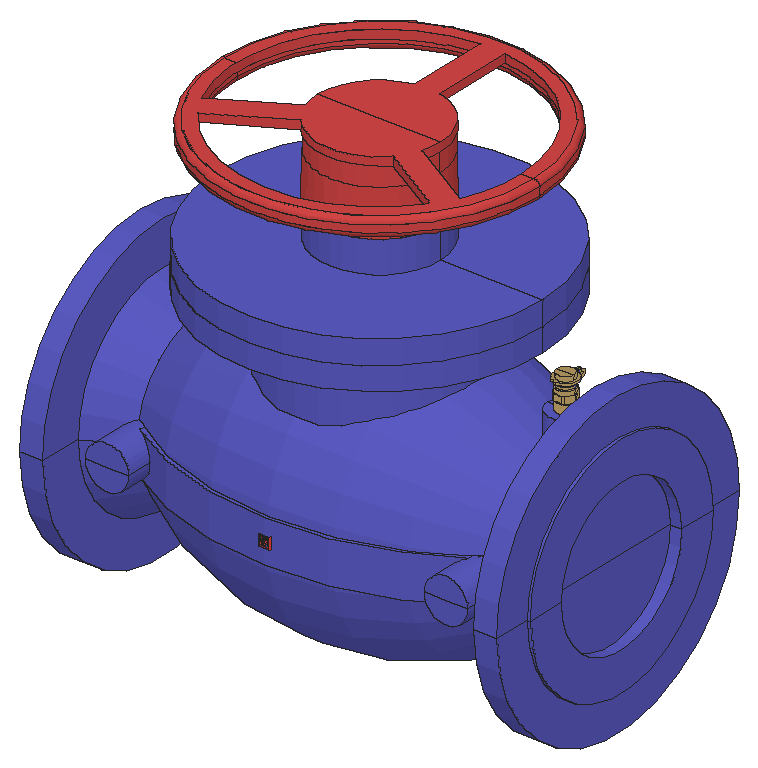
Revit family "HERZ Strömax Commissioning Valve With Test points, Straight Body 4218 GF", category Rohrzubehör, Revit 2019
Family settings
  Bemaßung runder Anschluss = Durchmesser verwenden
  Teiletyp = Unterbricht
  OmniClass-Nummer = 23.65.55.14
  OmniClass-Titel = Valves for Liquid Services
  Arbeitsebenenbasiert = Nein
  Immer vertikal = Ja
  Beim Laden mit Abzugskörper schneiden = Nein
  Gemeinsam genutzt = Nein
Parameters
  kvs-value [instance] = if(Nennweite = 50.00 mm, 34.96, if(Nennweite = 65.00 mm, 66.94, if(Nennweite = 80.00 mm, 106.78, if(Nennweite = 100.00 mm, 169.45, if(Nennweite = 125.00 mm, 255.79, if(Nennweite = 150.00 mm, 389.54, if(Nennweite = 200.00 mm, 676.33, if(Nennweite = 250.00 mm, 1082.72, if(Nennweite = 300.00 mm, 1784.91, 0)))))))))  # 255.79
  Counting device = "plastic"  # constant formula
  W02 = 60.00°  # constant formula
  W01 = 85.00°  # constant formula
  Valve cone = "gray cast iron GJL 250 according to EN 1561/ EPDM coated"  # constant formula
  S01 [instance] = Nennweite + 10.00 mm  # 135.00 mm
  Regulation spindle = "brass / stainless steel"  # constant formula
  Part number [instance] = size_lookup("4218_GF_", "Artnr", 0, Nennweite)  # 1421884
  Upper part = "gray cast iron GJL 250 according to EN 1561"  # constant formula
  Spindle (up to DN100) = "brass"  # constant formula
  O-Ring = "EPDM"  # constant formula
  URL = "www.herzvalves.com"
  SCRNSEQ = "ARM;ARM_TYP=\"STRV\";2"
  SCRNCODE = "05;07;02"  # constant formula
  R02 [instance] = size_lookup("4218_GF_", "R2", 1.00 mm, Nennweite)  # 15.00 mm
  R01 [instance] = size_lookup("4218_GF_", "R1", 1.00 mm, Nennweite)  # 18.00 mm
  Spindle (from DN125) = "stainless steel"  # constant formula
  Nennweite [instance] = 125.00 mm
  Model = "The STRÖMAX GF with test points DN 50 - 300:\r\nBody of grey cast iron GJL 250 according to EN 1561, flange according to EN 1092, PN 16;\r\nlength according to ÖNORM EN-558-1, basic series 1; painted blue.\r\nThermostatic upper part of grey cast iron GJL 250.\r\nDigital display of the pre-setting levels.\r\nNon-rising spindle with triple O-ring seal."
  Min. operating temperature = -10 °C  # constant formula
  Medium = "Water purity in accordance with the ÖNORM H 5195 and VDI 2035 standards.\r\nEthylene and propylene glycol can be used in a ratio of 25-50 vol. [%] are mixed."
  Max. operating temperature = 110 °C  # constant formula
  Max. operating pressure = 1600000.0 Pa  # constant formula
  L04 [instance] = size_lookup("4218_GF_", "L4", 1.00 mm, Nennweite)  # 154.00 mm
  L03 [instance] = if(Nennweite = 50.00 mm, 48.00 mm, if(Nennweite = 65.00 mm, 52.00 mm, if(Nennweite = 80.00 mm, 60.00 mm, if(Nennweite = 100.00 mm, 75.00 mm, 15.00 mm))))  # 15.00 mm
  L02 [instance] = size_lookup("4218_GF_", "L2", 1.00 mm, Nennweite)  # 140.00 mm
  L01 [instance] = size_lookup("4218_GF_", "L1", 1.00 mm, Nennweite)  # 145.00 mm
  L00 [instance] = size_lookup("4218_GF_", "L", 1.00 mm, Nennweite)  # 400.00 mm
  Hersteller = "HERZ Armaturen Ges.m.b.H."  # constant formula
  H09 [instance] = H08 + H02  # 200.00 mm
  H08 [instance] = size_lookup("4218_GF_", "H8", 1.00 mm, Nennweite)  # 46.00 mm
  H07 [instance] = H02 + H06  # 174.00 mm
  H06 [instance] = size_lookup("4218_GF_", "H6", 1.00 mm, Nennweite)  # 20.00 mm
  H05 [instance] = size_lookup("4218_GF_", "H5", 1.00 mm, Nennweite)  # 100.00 mm
  H04 [instance] = H02 - H03  # 135.00 mm
  H03 [instance] = size_lookup("4218_GF_", "H3", 1.00 mm, Nennweite)  # 19.00 mm
  H02 [instance] = size_lookup("4218_GF_", "H2", 1.00 mm, Nennweite)  # 154.00 mm
  H01 [instance] = size_lookup("4218_GF_", "H1", 1.00 mm, Nennweite)  # 106.00 mm
  GT = 10.00 mm  # constant formula
  Field of application = "For hydraulic balancing in heating or cooling systems, regulating and shutting off distribution circuits, heat exchangers, heating and cooling terminals."
  FLL02 [instance] = size_lookup("4218_GF_", "FLL2", 1.00 mm, Nennweite)  # 19.00 mm
  FLL01 [instance] = size_lookup("4218_GF_", "FLL1", 1.00 mm, Nennweite)  # 3.00 mm
  FLD03 [instance] = size_lookup("4218_GF_", "FLD3", 1.00 mm, Nennweite)  # 69.90 mm
  FLD02 [instance] = size_lookup("4218_GF_", "FLD2", 1.00 mm, Nennweite)  # 89.00 mm
  FLD01 [instance] = size_lookup("4218_GF_", "FLD1", 1.00 mm, Nennweite)  # 94.00 mm
  FLD00 [instance] = size_lookup("4218_GF_", "FLD", 1.00 mm, Nennweite)  # 125.00 mm
  Differential pressure measurement = "The Strömax GF double regulating and commissioning valve is equipped with two test points:\r\nIf a suitable measuring device is used, the differential pressure can be measured and the respective flow rate can be determined depending on the setting level.\r\nThe respective flow rate can also be read directly on the HERZ measuring computers (see device manual).\r\nWhen using antifreeze, the density of the medium changes, which must be taken into account when measuring differential pressure."
  DN80-DN100 [instance] = or(Nennweite = 80.00 mm, Nennweite = 100.00 mm)  # no
  DN80 [instance] = Nennweite = 80.00 mm  # no
  DN65 [instance] = Nennweite = 65.00 mm  # no
  DN50-DN65 [instance] = or(Nennweite = 50.00 mm, Nennweite = 65.00 mm)  # no
  DN50-DN100 [instance] = or(Nennweite = 50.00 mm, Nennweite = 65.00 mm, Nennweite = 80.00 mm, Nennweite = 100.00 mm)  # no
  DN50 [instance] = Nennweite = 50.00 mm  # no
  DN300 [instance] = Nennweite = 300.00 mm  # no
  DN250 [instance] = Nennweite = 250.00 mm  # no
  DN200-DN300 [instance] = or(Nennweite = 200.00 mm, Nennweite = 250.00 mm, Nennweite = 300.00 mm)  # no
  DN200 [instance] = Nennweite = 200.00 mm  # no
  DN150 [instance] = Nennweite = 150.00 mm  # no
  DN125-DN300 [instance] = or(Nennweite = 125.00 mm, Nennweite = 150.00 mm, Nennweite = 200.00 mm, Nennweite = 250.00 mm, Nennweite = 300.00 mm)  # yes
  DN125-DN150 [instance] = or(Nennweite = 125.00 mm, Nennweite = 150.00 mm)  # yes
  DN125 [instance] = Nennweite = 125.00 mm  # yes
  DN100 [instance] = Nennweite = 100.00 mm  # no
  D03 [instance] = size_lookup("4218_GF_", "D3", 1.00 mm, Nennweite)  # 50.50 mm
  D02 [instance] = size_lookup("4218_GF_", "D2", 1.00 mm, Nennweite)  # 135.00 mm
  D01 [instance] = size_lookup("4218_GF_", "D1", 1.00 mm, Nennweite)  # 86.00 mm
  D00 [instance] = size_lookup("4218_GF_", "D", 1.00 mm, Nennweite)  # 117.00 mm
  Body = "gray cast iron GJL 250 according to EN 1561"  # constant formula
  BH02 [instance] = -BH01  # -17.50 mm
  BH01 [instance] = size_lookup("4218_GF_", "BH1", 1.00 mm, Nennweite)  # 17.50 mm
  Anschluss [instance] = Nennweite / 2  # 62.50 mm
Reference planes
  plane 1 "Mitte (Vorne/hinten)": y = 0
  plane 2: z = 0
  plane 3 "Mitte (Links/rechts)": x = 0
Forms (mm)
  Revolve 1, solid, material "Herz-Marineblau", detail levels fine
    sketch origin (1058.943, 0, 0) x (1, 0, 0) y (0, 1, 0)
      loop
        line (-1255.943, 125) -> (-1255.943, 94) -> (-1258.943, 94) -> (-1258.943, 62.5) -> (-1248.943, 62.5) -> (-1248.943, 0) -> (-868.943, 0) -> (-868.943, 62.5) -> (-858.943, 62.5) -> (-858.943, 94) -> (-861.943, 94) -> (-861.943, 125) -> (-880.943, 125) -> (-880.943, 89) -> (-913.943, 69.9)
        arc (-913.943, 69.9) -> (-1058.943, 117) -> (-1203.943, 69.9) r 246.745
        line (-1203.943, 69.9) -> (-1236.943, 89) -> (-1236.943, 125) -> (-1255.943, 125)
      axis (-1258.943, 0) -> (-858.943, 0)
    angle from 0 to 360
  Revolve 2, solid, material "Herz-Marineblau", detail levels fine
    sketch origin (0, 0, 0) x (1, 0, 0) y (0, 1, 0)
      loop
        line (-140, 106) -> (-158, 106) -> (-158, -106) -> (-140, -106) -> (-140, 106)
      axis (-140, 106) -> (-140, -106)
    angle from 0 to 360
  Revolve 3, solid, material "Herz-Marineblau", detail levels fine
    sketch origin (0, 0, 0) x (-1, 0, 0) y (0, 1, 0)
      loop
        line (-140, 106) -> (-158, 106) -> (-158, -106) -> (-140, -106) -> (-140, 106)
      axis (-140, 106) -> (-140, -106)
    angle from 0 to 360
  Revolve 4, solid, material "Herz-Marineblau", visible <- "DN125-DN300", detail levels fine
    sketch origin (0, 0, 0) x (1, 0, 0) y (0, 0, 1)
      loop
        line (0, 0) -> (0, 154) -> (-135, 154) -> (-135, 135) -> (-86, 135) -> (-86, 0) -> (0, 0)
      axis (0, 154) -> (0, 0)
    angle from 0 to 360
  Revolve 5, solid, material "Herz-Marineblau", visible <- "DN50-DN100", detail levels fine
    sketch origin (0, 0, 0) x (1, 0, 0) y (0, 0, 1)
      loop
        line (0, 0) -> (0, 135) -> (-86, 135) -> (-86, 0) -> (0, 0)
      axis (0, 135) -> (0, 0)
    angle from 0 to 360
  Extrusion 6, solid, material "Herz-Marineblau", visible <- "DN50-DN100", detail levels fine
    sketch origin (0, 0, 0) x (1, 0, 0) y (0, 1, 0)
      loop
        line (0, 135) -> (-15, 133.688) -> (-133.688, 15) -> (-135, 0) -> (-133.688, -15) -> (-15, -133.688) -> (0, -135) -> (15, -133.688) -> (133.688, -15) -> (135, 0) -> (133.688, 15) -> (15, 133.688) -> (0, 135)
    from 135 <- "H04" to 154 <- "H02"
  Revolve 7, solid, material "Herz-Marineblau", detail levels fine
    sketch origin (0, 0, 0) x (1, 0, 0) y (0, 0, 1)
      loop
        line (-154, 0) -> (-154, 100) -> (-169, 100) -> (-169, 0) -> (-154, 0)
      axis (-154, 100) -> (-154, 0)
    angle from 0 to 360
  Revolve 8, solid, material "Herz-Marineblau", detail levels fine
    sketch origin (0, 0, 0) x (-1, 0, 0) y (0, 0, 1)
      loop
        line (-154, 0) -> (-154, 100) -> (-169, 100) -> (-169, 0) -> (-154, 0)
      axis (-154, 100) -> (-154, 0)
    angle from 0 to 360
  Extrusion 9, solid, material "Herz-Marineblau", visible <- "DN50", detail levels fine
    sketch origin (0, 0, 0) x (1, 0, 0) y (0, 1, 0)
      loop
        line (-75, 27.444) -> (-75, -27.444)
        arc (-75, -27.444) -> (0, -55) -> (75, -27.444) r 115.842
        line (75, -27.444) -> (75, 27.444)
        arc (75, 27.444) -> (0, 55) -> (-75, 27.444) r 115.842
    from -17.5 <- "BH02" to 17.5 <- "BH01"
  Extrusion 10, solid, material "Herz-Marineblau", visible <- "DN65", detail levels fine
    sketch origin (0, 0, 0) x (1, 0, 0) y (0, 1, 0)
      loop
        arc (-89, -45.667) -> (0, -68.022) -> (89, -45.667) r 188.34
        line (89, -45.667) -> (89, 45.667)
        arc (89, 45.667) -> (0, 68.022) -> (-89, 45.667) r 188.34
        line (-89, 45.667) -> (-89, -45.667)
    from -17.5 <- "BH02" to 17.5 <- "BH01"
  Extrusion 11, solid, material "Herz-Marineblau", visible <- "DN80", detail levels fine
    sketch origin (0, 0, 0) x (1, 0, 0) y (0, 1, 0)
      loop
        arc (-100, -48.604) -> (0, -75.01) -> (100, -48.604) r 202.557
        line (100, -48.604) -> (100, 48.604)
        arc (100, 48.604) -> (0, 75.01) -> (-100, 48.604) r 202.557
        line (-100, 48.604) -> (-100, -48.604)
    from -17.5 <- "BH02" to 17.5 <- "BH01"
  Extrusion 12, solid, material "Herz-Marineblau", visible <- "DN100", detail levels fine
    sketch origin (0, 0, 0) x (1, 0, 0) y (0, 1, 0)
      loop
        arc (-118, -60.889) -> (0, -83.721) -> (118, -60.889) r 316.34
        line (118, -60.889) -> (118, 60.889)
        arc (118, 60.889) -> (0, 83.721) -> (-118, 60.889) r 316.34
        line (-118, 60.889) -> (-118, -60.889)
    from -17.5 <- "BH02" to 17.5 <- "BH01"
  Extrusion 13, solid, material "Herz-Marineblau", visible <- "DN125", detail levels fine
    sketch origin (0, 0, 0) x (1, 0, 0) y (0, 1, 0)
      loop
        arc (-140, -75.261) -> (0, -118.541) -> (140, -75.261) r 248.073
        line (140, -75.261) -> (140, 75.261)
        arc (140, 75.261) -> (0, 118.541) -> (-140, 75.261) r 248.073
        line (-140, 75.261) -> (-140, -75.261)
    from -17.5 <- "BH02" to 17.5 <- "BH01"
  Extrusion 14, solid, material "Herz-Marineblau", visible <- "DN150", detail levels fine
    sketch origin (0, 0, 0) x (1, 0, 0) y (0, 1, 0)
      loop
        arc (-170, -94.727) -> (0, -138.5) -> (170, -94.727) r 352.003
        line (170, -94.727) -> (170, 94.727)
        arc (170, 94.727) -> (0, 138.5) -> (-170, 94.727) r 352.003
        line (-170, 94.727) -> (-170, -94.727)
    from -17.5 <- "BH02" to 17.5 <- "BH01"
  Extrusion 15, solid, material "Herz-Marineblau", visible <- "DN200", detail levels fine
    sketch origin (0, 0, 0) x (1, 0, 0) y (0, 1, 0)
      loop
        arc (-200, -127.319) -> (0, -163.032) -> (200, -127.319) r 577.879
        line (200, -127.319) -> (200, 127.319)
        arc (200, 127.319) -> (0, 163.032) -> (-200, 127.319) r 577.879
        line (-200, 127.319) -> (-200, -127.319)
    from -17.5 <- "BH02" to 17.5 <- "BH01"
  Extrusion 16, solid, material "Herz-Marineblau", visible <- "DN250", detail levels fine
    sketch origin (0, 0, 0) x (1, 0, 0) y (0, 1, 0)
      loop
        arc (-250, -153.89) -> (0, -191.531) -> (250, -153.89) r 849.033
        line (250, -153.89) -> (250, 153.89)
        arc (250, 153.89) -> (0, 191.531) -> (-250, 153.89) r 849.033
        line (-250, 153.89) -> (-250, -153.89)
    from -17.5 <- "BH02" to 17.5 <- "BH01"
  Extrusion 17, solid, material "Herz-Marineblau", visible <- "DN300", detail levels fine
    sketch origin (0, 0, 0) x (1, 0, 0) y (0, 1, 0)
      loop
        arc (-300, -192.377) -> (0, -268.099) -> (300, -192.377) r 632.133
        line (300, -192.377) -> (300, 192.377)
        arc (300, 192.377) -> (0, 268.099) -> (-300, 192.377) r 632.133
        line (-300, 192.377) -> (-300, -192.377)
    from -17.5 <- "BH02" to 17.5 <- "BH01"
  Extrusion 18, solid, material "Herz-Marineblau", visible <- "DN50-DN100", detail levels fine
    sketch origin (0, 0, 0) x (1, 0, 0) y (0, 1, 0)
      loop
        line (0, 135) -> (-15, 133.688) -> (-133.688, 15) -> (-135, 0) -> (-133.688, -15) -> (-15, -133.688) -> (0, -135) -> (15, -133.688) -> (133.688, -15) -> (135, 0) -> (133.688, 15) -> (15, 133.688) -> (0, 135)
    from 154 <- "H02" to 174 <- "H07"
  Revolve 19, solid, material "Herz-Marineblau", visible <- "DN125-DN300", detail levels fine
    sketch origin (0, 0, 0) x (1, 0, 0) y (0, 0, 1)
      loop
        line (0, 154) -> (0, 200) -> (-50.5, 200) -> (-50.5, 174) -> (-135, 174) -> (-135, 154) -> (0, 154)
      axis (0, 200) -> (0, 154)
    angle from 0 to 360
  Revolve 20, solid, material "Herz-Marineblau", visible <- "DN50-DN100", detail levels fine
    sketch origin (0, 0, 0) x (1, 0, 0) y (0, 0, 1)
      loop
        line (0, 174) -> (0, 200) -> (-50.5, 200) -> (-50.5, 174) -> (0, 174)
      axis (0, 200) -> (0, 174)
    angle from 0 to 360
Lines and regions (mm)
  model lines, detail levels coarse+medium
    curve 1: line (-200, 0, 125) -> (-200, 0, -125)
    curve 2: line (-200, 0, -125) -> (200, 0, 125)
    curve 3: line (200, 0, 125) -> (200, 0, -125)
    curve 4: line (200, 0, -125) -> (-200, 0, 125)
    curve 5: line (0, 0, 0) -> (115.47, 0, 200)
    curve 6: line (57.013, 0, 233.75) -> (173.927, 0, 166.25)
    curve 7: line (-200, 125, 0) -> (-200, -125, 0)
    curve 8: line (-200, -125, 0) -> (200, 125, 0)
    curve 9: line (200, 125, 0) -> (200, -125, 0)
    curve 10: line (200, -125, 0) -> (-200, 125, 0)
    curve 11: line (0, 0, 0) -> (115.47, 200, 0)
    curve 12: line (57.013, 233.75, 0) -> (173.927, 166.25, 0)
Dimensions and locks
  "FLD00": plane 1 "Mitte (Vorne/hinten)" to Revolve 1 sketch curve
  "FLD01": plane 1 "Mitte (Vorne/hinten)" to Revolve 1 sketch curve
  "FLD02": plane 1 "Mitte (Vorne/hinten)" to Revolve 1 sketch curve  (x2)
  "FLD03": plane 1 "Mitte (Vorne/hinten)" to Revolve 1 sketch curve  (x2)
  "GT": Revolve 1 sketch curve to Revolve 1 sketch curve  (x2)
  "FLL01": Revolve 1 sketch curve to Revolve 1 sketch curve  (x2)
  "FLL02": Revolve 1 sketch curve to Revolve 1 sketch curve  (x2)
  equal spacing: Revolve 1 sketch curve, plane 3 "Mitte (Links/rechts)", Revolve 1 sketch curve
  "Anschluss": Revolve 1 sketch curve to plane 1 "Mitte (Vorne/hinten)"
  "Anschluss": plane 1 "Mitte (Vorne/hinten)" to Revolve 1 sketch curve
  "FLD01": Revolve 1 sketch curve to plane 1 "Mitte (Vorne/hinten)"
  "FLD00": Revolve 1 sketch curve to plane 1 "Mitte (Vorne/hinten)"
  "L00": Revolve 1 sketch curve to Revolve 1 sketch curve
  "D00": plane 1 "Mitte (Vorne/hinten)" to Revolve 1 sketch curve
  "L01": Revolve 1 sketch curve to plane 3 "Mitte (Links/rechts)" to Revolve 1 sketch curve
  "L02": Revolve 2 sketch curve to plane 3 "Mitte (Links/rechts)"
  "R01": Revolve 2 sketch curve to Revolve 2 sketch curve
  "H01": Revolve 2 sketch curve to plane 1 "Mitte (Vorne/hinten)" to Revolve 2 sketch curve
  "L02": plane 3 "Mitte (Links/rechts)" to Revolve 3 sketch curve
  "R01": Revolve 3 sketch curve to Revolve 3 sketch curve
  "H01": Revolve 3 sketch curve to plane 1 "Mitte (Vorne/hinten)" to Revolve 3 sketch curve
  "H02": Revolve 4 sketch curve to plane 2
  "D01": Revolve 4 sketch curve to Revolve 4 sketch curve
  "D02": Revolve 4 sketch curve to Revolve 4 sketch curve
  "H03": Revolve 4 sketch curve to Revolve 4 sketch curve
  "H04": Revolve 5 sketch curve to plane 2
  "D01": Revolve 5 sketch curve to Revolve 5 sketch curve
  "D02": Extrusion 6 sketch curve to plane 3 "Mitte (Links/rechts)" to Extrusion 6 sketch curve
  "D02": Extrusion 6 sketch curve to plane 1 "Mitte (Vorne/hinten)" to Extrusion 6 sketch curve
  "L03": Extrusion 6 sketch curve to plane 3 "Mitte (Links/rechts)"  (x2)
  "L03": plane 3 "Mitte (Links/rechts)" to Extrusion 6 sketch curve  (x2)
  "L03": plane 1 "Mitte (Vorne/hinten)" to Extrusion 6 sketch curve  (x2)
  "L03": Extrusion 6 sketch curve to plane 1 "Mitte (Vorne/hinten)"  (x2)
  "L04": plane 3 "Mitte (Links/rechts)" to Revolve 7 sketch curve
  "R02": Revolve 7 sketch curve to Revolve 7 sketch curve
  "H05": Revolve 7 sketch curve to plane 2
  "R02": Revolve 8 sketch curve to Revolve 8 sketch curve
  "L04": Revolve 8 sketch curve to plane 3 "Mitte (Links/rechts)"
  "H05": Revolve 8 sketch curve to plane 2
  "L04": plane 3 "Mitte (Links/rechts)" to nested 1
  "L04": nested 2 to plane 3 "Mitte (Links/rechts)"
  "H05": nested 1 to plane 2
  "H05": nested 2 to plane 2
  "L03": Extrusion 18 sketch curve to plane 3 "Mitte (Links/rechts)"  (x2)
  "L03": plane 3 "Mitte (Links/rechts)" to Extrusion 18 sketch curve  (x2)
  "L03": plane 1 "Mitte (Vorne/hinten)" to Extrusion 18 sketch curve  (x2)
  "L03": Extrusion 18 sketch curve to plane 1 "Mitte (Vorne/hinten)"  (x2)
  "D02": Extrusion 18 sketch curve to plane 3 "Mitte (Links/rechts)" to Extrusion 18 sketch curve
  "D02": Extrusion 18 sketch curve to plane 1 "Mitte (Vorne/hinten)" to Extrusion 18 sketch curve
  "H02": Revolve 19 sketch curve to plane 2
  "H06": Revolve 19 sketch curve to Revolve 19 sketch curve
  "H08": Revolve 19 sketch curve to Revolve 19 sketch curve
  "D03": Revolve 19 sketch curve to Revolve 19 sketch curve
  "D02": Revolve 19 sketch curve to Revolve 19 sketch curve
  "D03": Revolve 20 sketch curve to Revolve 20 sketch curve
  "H07": Revolve 20 sketch curve to plane 2
  "H08": Revolve 20 sketch curve to Extrusion 18
  "H09": nested 12 to plane 2
  "H09": nested 13 to plane 2
  "H09": nested 14 to plane 2
  "H09": nested 15 to plane 2
  "FLD00": curve 4 to plane 2 to curve 2
  "FLD00": curve 3 to plane 2 to curve 4
  equal spacing: curve 1, plane 3 "Mitte (Links/rechts)", curve 3
  "L00": curve 1 to curve 3
  "H09": curve 5 to plane 2
  equal spacing: curve 1, curve 5, curve 3
  equal spacing: curve 6, curve 5, curve 6
  "S01": curve 6 to curve 6
  "FLD00": curve 8 to plane 1 "Mitte (Vorne/hinten)" to curve 10
  "FLD00": curve 10 to plane 1 "Mitte (Vorne/hinten)" to curve 9
  equal spacing: curve 7, plane 3 "Mitte (Links/rechts)", curve 9
  "L00": curve 7 to curve 9
  equal spacing: curve 7, curve 11, curve 9
  "H09": plane 1 "Mitte (Vorne/hinten)" to curve 11
  equal spacing: curve 12, curve 11, curve 12
  "S01": curve 12 to curve 12
  "W01": angle Extrusion 6 sketch curve to plane 3 "Mitte (Links/rechts)"  (x2)
  "W01": angle plane 3 "Mitte (Links/rechts)" to Extrusion 6 sketch curve  (x2)
  "W01": angle Extrusion 6 sketch curve to plane 1 "Mitte (Vorne/hinten)"  (x2)
  "W01": angle plane 1 "Mitte (Vorne/hinten)" to Extrusion 6 sketch curve  (x2)
  "W01": angle plane 1 "Mitte (Vorne/hinten)" to Extrusion 18 sketch curve  (x2)
  "W01": angle Extrusion 18 sketch curve to plane 1 "Mitte (Vorne/hinten)"  (x2)
  "W01": angle Extrusion 18 sketch curve to plane 3 "Mitte (Links/rechts)"  (x2)
  "W01": angle plane 3 "Mitte (Links/rechts)" to Extrusion 18 sketch curve  (x2)
  "W02": angle plane 2 to curve 5
  "W02": angle plane 1 "Mitte (Vorne/hinten)" to curve 11
  aligned and locked: level to plane 2
Automatic sketch dimensions
  Extrusion 9 sketch curve to plane 3 "Mitte (Links/rechts)" = 0.00 mm  (x2)
  Extrusion 9 sketch curve to plane 1 "Mitte (Vorne/hinten)" = 27.444 mm  (x2)
  Extrusion 9 sketch curve to plane 3 "Mitte (Links/rechts)" = 75.00 mm
  plane 1 "Mitte (Vorne/hinten)" to Extrusion 9 sketch curve = 60.843 mm
  Extrusion 9 sketch curve to plane 1 "Mitte (Vorne/hinten)" = 60.843 mm
  plane 1 "Mitte (Vorne/hinten)" to Extrusion 9 sketch curve = 27.444 mm
  Extrusion 10 sketch curve to plane 3 "Mitte (Links/rechts)" = 0.00 mm  (x2)
  plane 1 "Mitte (Vorne/hinten)" to Extrusion 10 sketch curve = 45.667 mm
  Extrusion 10 sketch curve to plane 3 "Mitte (Links/rechts)" = 89.00 mm
  Extrusion 10 sketch curve to Extrusion 10 sketch curve = 74.651 mm
  Extrusion 10 sketch curve to plane 1 "Mitte (Vorne/hinten)" = 120.318 mm
  Extrusion 10 sketch curve to plane 1 "Mitte (Vorne/hinten)" = 45.667 mm  (x2)
  Extrusion 11 sketch curve to plane 3 "Mitte (Links/rechts)" = 0.00 mm  (x2)
  plane 1 "Mitte (Vorne/hinten)" to Extrusion 11 sketch curve = 48.604 mm  (x2)
  Extrusion 11 sketch curve to plane 3 "Mitte (Links/rechts)" = 100.00 mm
  Extrusion 11 sketch curve to Extrusion 11 sketch curve = 78.943 mm
  Extrusion 11 sketch curve to plane 1 "Mitte (Vorne/hinten)" = 127.547 mm
  Extrusion 11 sketch curve to plane 1 "Mitte (Vorne/hinten)" = 48.604 mm
  Extrusion 12 sketch curve to plane 3 "Mitte (Links/rechts)" = 0.00 mm  (x2)
  Extrusion 12 sketch curve to plane 1 "Mitte (Vorne/hinten)" = 60.889 mm  (x2)
  Extrusion 12 sketch curve to plane 3 "Mitte (Links/rechts)" = 118.00 mm
  plane 1 "Mitte (Vorne/hinten)" to Extrusion 12 sketch curve = 232.619 mm
  Extrusion 12 sketch curve to Extrusion 12 sketch curve = 171.731 mm
  plane 1 "Mitte (Vorne/hinten)" to Extrusion 12 sketch curve = 60.889 mm
  Extrusion 13 sketch curve to plane 3 "Mitte (Links/rechts)" = 0.00 mm  (x2)
  Extrusion 13 sketch curve to plane 1 "Mitte (Vorne/hinten)" = 75.261 mm  (x2)
  Extrusion 13 sketch curve to plane 3 "Mitte (Links/rechts)" = 140.00 mm
  plane 1 "Mitte (Vorne/hinten)" to Extrusion 13 sketch curve = 129.532 mm
  Extrusion 13 sketch curve to plane 1 "Mitte (Vorne/hinten)" = 129.532 mm
  plane 1 "Mitte (Vorne/hinten)" to Extrusion 13 sketch curve = 75.261 mm
  Extrusion 14 sketch curve to plane 3 "Mitte (Links/rechts)" = 0.00 mm  (x2)
  plane 1 "Mitte (Vorne/hinten)" to Extrusion 14 sketch curve = 94.727 mm  (x2)
  Extrusion 14 sketch curve to plane 3 "Mitte (Links/rechts)" = 170.00 mm
  Extrusion 14 sketch curve to Extrusion 14 sketch curve = 118.776 mm
  Extrusion 14 sketch curve to plane 1 "Mitte (Vorne/hinten)" = 213.503 mm
  Extrusion 14 sketch curve to plane 1 "Mitte (Vorne/hinten)" = 94.727 mm
  Extrusion 15 sketch curve to plane 3 "Mitte (Links/rechts)" = 0.00 mm  (x2)
  Extrusion 15 sketch curve to plane 1 "Mitte (Vorne/hinten)" = 127.319 mm  (x2)
  Extrusion 15 sketch curve to plane 3 "Mitte (Links/rechts)" = 200.00 mm
  plane 1 "Mitte (Vorne/hinten)" to Extrusion 15 sketch curve = 414.847 mm
  Extrusion 15 sketch curve to Extrusion 15 sketch curve = 287.528 mm
  plane 1 "Mitte (Vorne/hinten)" to Extrusion 15 sketch curve = 127.319 mm
  Extrusion 16 sketch curve to plane 3 "Mitte (Links/rechts)" = 0.00 mm  (x2)
  Extrusion 16 sketch curve to plane 1 "Mitte (Vorne/hinten)" = 153.89 mm  (x2)
  Extrusion 16 sketch curve to plane 3 "Mitte (Links/rechts)" = 250.00 mm
  plane 1 "Mitte (Vorne/hinten)" to Extrusion 16 sketch curve = 657.503 mm
  Extrusion 16 sketch curve to Extrusion 16 sketch curve = 503.613 mm
  plane 1 "Mitte (Vorne/hinten)" to Extrusion 16 sketch curve = 153.89 mm
  Extrusion 17 sketch curve to plane 3 "Mitte (Links/rechts)" = 0.00 mm  (x2)
  Extrusion 17 sketch curve to plane 1 "Mitte (Vorne/hinten)" = 192.377 mm  (x2)
  Extrusion 17 sketch curve to plane 3 "Mitte (Links/rechts)" = 300.00 mm
  plane 1 "Mitte (Vorne/hinten)" to Extrusion 17 sketch curve = 364.034 mm
  Extrusion 17 sketch curve to Extrusion 17 sketch curve = 171.657 mm
  plane 1 "Mitte (Vorne/hinten)" to Extrusion 17 sketch curve = 192.377 mm
  plane 1 "Mitte (Vorne/hinten)" to Revolve 1 sketch curve = 0.00 mm  (x2)
  Revolve 1 sketch curve to Revolve 1 sketch curve = 35.00 mm
  Revolve 1 sketch curve to Revolve 1 sketch curve = 40.00 mm
  Revolve 2 sketch curve to Revolve 2 sketch curve = 0.00 mm  (x3)
  Revolve 3 sketch curve to Revolve 3 sketch curve = 0.00 mm  (x3)
  Revolve 4 sketch curve to level = 0.00 mm
  Revolve 4 sketch curve to plane 3 "Mitte (Links/rechts)" = 0.00 mm  (x2)
  Revolve 4 sketch curve to Revolve 4 sketch curve = 366.045 mm
  Revolve 4 sketch curve to Revolve 4 sketch curve = 2169.315 mm
  Revolve 5 sketch curve to level = 0.00 mm
  Revolve 5 sketch curve to plane 3 "Mitte (Links/rechts)" = 0.00 mm  (x2)
  Revolve 5 sketch curve to Revolve 5 sketch curve = 366.045 mm
  Revolve 5 sketch curve to Revolve 5 sketch curve = 2147.315 mm
  Extrusion 6 sketch curve to plane 3 "Mitte (Links/rechts)" = 0.00 mm  (x2)
  plane 1 "Mitte (Vorne/hinten)" to Extrusion 6 sketch curve = 0.00 mm  (x2)
  Revolve 7 sketch curve to level = 0.00 mm  (x2)
  Revolve 7 sketch curve to Revolve 7 sketch curve = 0.00 mm  (x2)
  Revolve 8 sketch curve to level = 0.00 mm  (x2)
  Revolve 8 sketch curve to Revolve 8 sketch curve = 0.00 mm  (x2)
  Extrusion 18 sketch curve to plane 3 "Mitte (Links/rechts)" = 0.00 mm  (x2)
  plane 1 "Mitte (Vorne/hinten)" to Extrusion 18 sketch curve = 0.00 mm  (x2)
  Revolve 19 sketch curve to plane 3 "Mitte (Links/rechts)" = 0.00 mm  (x2)
  Revolve 19 sketch curve to level = 366.045 mm
  Revolve 19 sketch curve to Revolve 19 sketch curve = 2105.315 mm
  Revolve 20 sketch curve to plane 3 "Mitte (Links/rechts)" = 0.00 mm  (x2)
  Revolve 20 sketch curve to level = 366.045 mm
  Revolve 20 sketch curve to Revolve 20 sketch curve = 2105.315 mm
Nested families
  nested 1: "Messstutzen_Band_Eintritt_senkrecht_(oben)" at (-154, 0, 91), type "Messstutzen_Band_Eintritt_senkrecht_(oben)", detail levels fine
    with Schutzkappe yes, Nennweite 0.00 mm, Gewicht 0.00 kg, Bestellnummer 0
  nested 2: "Messstutzen_Band_Austritt_senkrecht_(oben)" at (154, 0, 91), type "Messstutzen_Band_Austritt_senkrecht_(oben)", detail levels fine
    with Schutzkappe yes, Nennweite 0.00 mm, Gewicht 0.00 kg, Bestellnummer 0
  nested 3: "Herz-Logo-vorne" at (0, -55, 0) x (0, 1, 0) z (0, 0, 1), visible <- "DN50", type "Herz-Logo-vorne", detail levels fine
  nested 4: "Herz-Logo-vorne" at (0, -68.004, 0) x (0, 1, 0) z (0, 0, 1), visible <- "DN65", type "Herz-Logo-vorne", detail levels fine
  nested 5: "Herz-Logo-vorne" at (0, -74.992, 0) x (0, 1, 0) z (0, 0, 1), visible <- "DN80", type "Herz-Logo-vorne", detail levels fine
  nested 6: "Herz-Logo-vorne" at (0, -83.721, 0) x (0, 1, 0) z (0, 0, 1), visible <- "DN100", type "Herz-Logo-vorne", detail levels fine
  nested 7: "Herz-Logo-vorne" at (0, -118.541, 0) x (0, 1, 0) z (0, 0, 1), visible <- "DN125", type "Herz-Logo-vorne", detail levels fine
  nested 8: "Herz-Logo-vorne" at (0, -138.5, 0) x (0, 1, 0) z (0, 0, 1), visible <- "DN150", type "Herz-Logo-vorne", detail levels fine
  nested 9: "Herz-Logo-vorne" at (0, -163.032, 0) x (0, 1, 0) z (0, 0, 1), visible <- "DN200", type "Herz-Logo-vorne", detail levels fine
  nested 10: "Herz-Logo-vorne" at (0, -191.513, 0) x (0, 1, 0) z (0, 0, 1), visible <- "DN250", type "Herz-Logo-vorne", detail levels fine
  nested 11: "Herz-Logo-vorne" at (0, -268.082, 0) x (0, 1, 0) z (0, 0, 1), visible <- "DN300", type "Herz-Logo-vorne", detail levels fine
  nested 12: "Strangregulierventil-Handrad_VOLL-Gerade (Rot) DN50-DN65" at (0, 0, 200), visible <- "DN50-DN65", type "Strangregulierventil-Handrad_VOLL-Gerade (Rot) DN50-DN65", detail levels fine
  nested 13: "Strangregulierventil-Handrad_VOLL-Gerade (Rot) DN80-DN100" at (0, 0, 200), visible <- "DN80-DN100", type "Strangregulierventil-Handrad_VOLL-Gerade (Rot) DN80-DN100", detail levels fine
  nested 14: "Strangregulierventil-Handrad_VOLL-Gerade (Rot) DN125-DN150" at (0, 0, 200), visible <- "DN125-DN150", type "Strangregulierventil-Handrad_VOLL-Gerade (Rot) DN125-DN150", detail levels fine
  nested 15: "Strangregulierventil-Handrad_VOLL-Gerade (Rot) DN200-DN300" at (0, 0, 200), visible <- "DN200-DN300", type "Strangregulierventil-Handrad_VOLL-Gerade (Rot) DN200-DN300", detail levels fine
    with DN300 yes
Connectors
  piping at (-200, 0, 0), diameter 125, driven by "Nennweite"
    settings: on Revolve 1, index 1, connector inside diameter 609.6 mm, connector length 0.00 mm, flow factor 0, pipe flow 0.0 L/s, pressure drop 0.0 Pa, fitting loss kfactor 0, connector angle 0.00°, fixture units 0, engagement length 0.00 mm, angle of deflection 0.00°, flow configuration 0, flow direction 1, fitting loss method 0, system type 29, joint type 0, gender type 0, connector reference index -1, connector utility 0, adjustable connector no, is connector primary yes, connector description ""
  piping at (200, 0, 0), diameter 125, driven by "Nennweite"
    settings: on Revolve 1, index 2, connector inside diameter 609.6 mm, connector length 0.00 mm, flow factor 0, pipe flow 0.0 L/s, pressure drop 0.0 Pa, fitting loss kfactor 0, connector angle 0.00°, fixture units 0, engagement length 0.00 mm, angle of deflection 0.00°, flow configuration 0, flow direction 2, fitting loss method 0, system type 29, joint type 0, gender type 0, connector reference index -1, connector utility 0, adjustable connector no, is connector primary no, connector description ""
Definition of nested family "Messstutzen_Band_Eintritt_senkrecht_(oben)"
  Parameters (values of type "Messstutzen_Band_Eintritt_senkrecht_(oben)")
    URL = "www.herz-armaturen.at"
    Schutzkappe [instance] = yes
    Nennweite [instance] = 0.00 mm
    Manufacturer = "Herz Armaturen GmbH"  # constant formula
    Gewicht [instance] = 0.00 kg
    Bestellnummer [instance] = 0
  Reference planes
    plane 1 "Mitte (Vorne/hinten)": y = 0
    plane 2: z = 0
    plane 3 "Mitte (Links/rechts)": x = 0
    plane 4 "Schlaufe 1": z = -27
    plane 5 "Schlaufe 2": z = -31.678
  Forms (mm)
    Revolve 1, solid, detail levels fine
      sketch origin (0, 0, 0) x (1, 0, 0) y (0, 0, 1)
        loop
          line (-7.4, 9) -> (-5.55, 9) -> (-5.55, 6)
          arc (-5.55, 6) -> (-5.626, 5.617) -> (-5.843, 5.293) r 1
          line (-5.843, 5.293) -> (-6.455, 4.681) -> (-6.455, 0.9) -> (-5.555, 0) -> (-2, 0) -> (-2, 17.5) -> (-8.4, 17.5)
          arc (-8.4, 17.5) -> (-7.693, 17.207) -> (-7.4, 16.5) r 1
          line (-7.4, 16.5) -> (-7.4, 9)
        loop
          line (-3.7, 27) -> (-7.3, 27) -> (-7.9, 26.4) -> (-7.9, 23) -> (-2, 23) -> (-2, 35.8) -> (-3.805, 35.8) -> (-4.415, 35.19) -> (-4.415, 30.863) -> (-3.7, 30.45) -> (-3.7, 27)
        axis (0, 0) -> (0, 35.8)
      angle from 0 to 360
    Extrusion 2, solid, detail levels fine
      sketch origin (0, 0, 17.5) x (0, 1, 0) y (-1, 0, 0)
        loop
          arc (-7.07, 5.156) -> (-7.578, 4.375) -> (-8, 3.544) r 8.75
          line (-8, 3.544) -> (-8, -3.544)
          arc (-8, -3.544) -> (-7.578, -4.375) -> (-7.07, -5.156) r 8.75
          line (-7.07, -5.156) -> (-0.93, -8.7)
          arc (-0.93, -8.7) -> (0, -8.75) -> (0.93, -8.7) r 8.75
          line (0.93, -8.7) -> (7.07, -5.156)
          arc (7.07, -5.156) -> (7.578, -4.375) -> (8, -3.544) r 8.75
          line (8, -3.544) -> (8, 3.544)
          arc (8, 3.544) -> (7.578, 4.375) -> (7.07, 5.156) r 8.75
          line (7.07, 5.156) -> (0.93, 8.7)
          arc (0.93, 8.7) -> (0, 8.75) -> (-0.93, 8.7) r 8.75
          line (-0.93, 8.7) -> (-7.07, 5.156)
      from 0 to 5.5
    Revolve 3, solid, visible <- "Schutzkappe", detail levels fine
      sketch origin (0, 0, 0) x (1, 0, 0) y (0, 0, 1)
        loop
          line (0, 35.878) -> (0, 36.678) -> (-7, 36.678) -> (-7, 33.378) -> (-6.1, 33.378) -> (-6.1, 31.678) -> (-6.9, 31.678) -> (-6.9, 30.178) -> (-4.415, 30.178) -> (-4.415, 35.268) -> (-3.805, 35.878) -> (0, 35.878)
        axis (0, 30.178) -> (0, 36.678)
      angle from 0 to 360
    Extrusion 4, solid, detail levels fine
      sketch origin (0, 0, 28.5) x (1, 0, 0) y (0, 1, 0)
        loop
          circle (0, 0) r 3.7
        loop
          arc (-3.906, 5.505) -> (0, -6.75) -> (3.906, 5.505) r 6.75
          arc (3.906, 5.505) -> (2.358, 7.288) -> (1.8, 9.582) r 5
          line (1.8, 9.582) -> (-1.8, 9.582)
          arc (-1.8, 9.582) -> (-2.358, 7.288) -> (-3.906, 5.505) r 5
      from 0 to -1.5
    Extrusion 5, solid, detail levels fine
      sketch origin (0, 0, 33.178) x (1, 0, 0) y (0, 1, 0)
        loop
          circle (0, 0) r 6.1
        loop
          arc (-4.495, 8.652) -> (0, -9.75) -> (4.495, 8.652) r 9.75
          arc (4.495, 8.652) -> (2.527, 10.493) -> (1.8, 13.089) r 5
          line (1.8, 13.089) -> (-1.8, 13.089)
          arc (-1.8, 13.089) -> (-2.527, 10.493) -> (-4.495, 8.652) r 5
      from 0 to -1.5
    Sweep 6, solid, detail levels fine
      path origin (0, 0, 0) x (0, 0, -1) y (0, -1, 0)
        loop
          line (-27.75, -9.582) -> (-27.75, -14.522)
          arc (-27.75, -14.522) -> (-30.089, -16.862) -> (-32.428, -14.522) r 2.339
          line (-32.428, -14.522) -> (-32.428, -13.089)
      profile origin (0, 12.052, 27.75) x (0, 0, 1) y (1, 0, 0)
        loop
          line (-0.75, -1.8) -> (0.75, -1.8) -> (0.75, 1.8) -> (-0.75, 1.8) -> (-0.75, -1.8)
  Dimensions and locks
    aligned and locked: level to plane 2
Definition of nested family "Messstutzen_Band_Austritt_senkrecht_(oben)"
  Parameters (values of type "Messstutzen_Band_Austritt_senkrecht_(oben)")
    URL = "www.herz-armaturen.at"
    Schutzkappe [instance] = yes
    Nennweite [instance] = 0.00 mm
    Manufacturer = "Herz Armaturen GmbH"  # constant formula
    Gewicht [instance] = 0.00 kg
    Bestellnummer [instance] = 0
  Reference planes
    plane 1 "Mitte (Vorne/hinten)": y = 0
    plane 2: z = 0
    plane 3 "Mitte (Links/rechts)": x = 0
    plane 4 "Schlaufe 1": z = -27
    plane 5 "Schlaufe 2": z = -31.678
  Forms (mm)
    Revolve 1, solid, detail levels fine
      sketch origin (0, 0, 0) x (1, 0, 0) y (0, 0, 1)
        loop
          line (-7.4, 9) -> (-5.55, 9) -> (-5.55, 6)
          arc (-5.55, 6) -> (-5.626, 5.617) -> (-5.843, 5.293) r 1
          line (-5.843, 5.293) -> (-6.455, 4.681) -> (-6.455, 0.9) -> (-5.555, 0) -> (-2, 0) -> (-2, 17.5) -> (-8.4, 17.5)
          arc (-8.4, 17.5) -> (-7.693, 17.207) -> (-7.4, 16.5) r 1
          line (-7.4, 16.5) -> (-7.4, 9)
        loop
          line (-3.7, 27) -> (-7.3, 27) -> (-7.9, 26.4) -> (-7.9, 23) -> (-2, 23) -> (-2, 35.8) -> (-3.805, 35.8) -> (-4.415, 35.19) -> (-4.415, 30.863) -> (-3.7, 30.45) -> (-3.7, 27)
        axis (0, 0) -> (0, 35.8)
      angle from 0 to 360
    Extrusion 2, solid, detail levels fine
      sketch origin (0, 0, 17.5) x (0, 1, 0) y (-1, 0, 0)
        loop
          arc (-7.07, 5.156) -> (-7.578, 4.375) -> (-8, 3.544) r 8.75
          line (-8, 3.544) -> (-8, -3.544)
          arc (-8, -3.544) -> (-7.578, -4.375) -> (-7.07, -5.156) r 8.75
          line (-7.07, -5.156) -> (-0.93, -8.7)
          arc (-0.93, -8.7) -> (0, -8.75) -> (0.93, -8.7) r 8.75
          line (0.93, -8.7) -> (7.07, -5.156)
          arc (7.07, -5.156) -> (7.578, -4.375) -> (8, -3.544) r 8.75
          line (8, -3.544) -> (8, 3.544)
          arc (8, 3.544) -> (7.578, 4.375) -> (7.07, 5.156) r 8.75
          line (7.07, 5.156) -> (0.93, 8.7)
          arc (0.93, 8.7) -> (0, 8.75) -> (-0.93, 8.7) r 8.75
          line (-0.93, 8.7) -> (-7.07, 5.156)
      from 0 to 5.5
    Revolve 3, solid, visible <- "Schutzkappe", detail levels fine
      sketch origin (0, 0, 0) x (1, 0, 0) y (0, 0, 1)
        loop
          line (0, 35.878) -> (0, 36.678) -> (-7, 36.678) -> (-7, 33.378) -> (-6.1, 33.378) -> (-6.1, 31.678) -> (-6.9, 31.678) -> (-6.9, 30.178) -> (-4.415, 30.178) -> (-4.415, 35.268) -> (-3.805, 35.878) -> (0, 35.878)
        axis (0, 30.178) -> (0, 36.678)
      angle from 0 to 360
    Extrusion 4, solid, detail levels fine
      sketch origin (0, 0, 28.5) x (1, 0, 0) y (0, 1, 0)
        loop
          circle (0, 0) r 3.7
        loop
          arc (-3.906, 5.505) -> (0, -6.75) -> (3.906, 5.505) r 6.75
          arc (3.906, 5.505) -> (2.358, 7.288) -> (1.8, 9.582) r 5
          line (1.8, 9.582) -> (-1.8, 9.582)
          arc (-1.8, 9.582) -> (-2.358, 7.288) -> (-3.906, 5.505) r 5
      from 0 to -1.5
    Extrusion 5, solid, detail levels fine
      sketch origin (0, 0, 33.178) x (1, 0, 0) y (0, 1, 0)
        loop
          circle (0, 0) r 6.1
        loop
          arc (-4.495, 8.652) -> (0, -9.75) -> (4.495, 8.652) r 9.75
          arc (4.495, 8.652) -> (2.527, 10.493) -> (1.8, 13.089) r 5
          line (1.8, 13.089) -> (-1.8, 13.089)
          arc (-1.8, 13.089) -> (-2.527, 10.493) -> (-4.495, 8.652) r 5
      from 0 to -1.5
    Sweep 6, solid, detail levels fine
      path origin (0, 0, 0) x (0, 0, -1) y (0, -1, 0)
        loop
          line (-27.75, -9.582) -> (-27.75, -14.522)
          arc (-27.75, -14.522) -> (-30.089, -16.862) -> (-32.428, -14.522) r 2.339
          line (-32.428, -14.522) -> (-32.428, -13.089)
      profile origin (0, 12.052, 27.75) x (0, 0, 1) y (1, 0, 0)
        loop
          line (-0.75, -1.8) -> (0.75, -1.8) -> (0.75, 1.8) -> (-0.75, 1.8) -> (-0.75, -1.8)
  Dimensions and locks
    aligned and locked: level to plane 2
Definition of nested family "Herz-Logo-vorne"
  Reference planes
    plane 1 "Mitte (Vorne/hinten)": y = 0
    plane 2: z = 0
    plane 3 "Mitte (Links/rechts)": x = 0
  Forms (mm)
    Extrusion 1, solid
      sketch origin (0.732, -0.018, 0.017) x (0, -1, 0) y (0, 0, 1)
        loop
          line (-0.018, -4.517) -> (4.482, -4.517) -> (4.482, 4.483) -> (-4.518, 4.483) -> (-4.518, -4.517) -> (-0.018, -4.517)
        loop
          line (-0.05, -3.48) -> (3.482, -3.48) -> (3.482, 3.483) -> (-3.518, 3.483) -> (-3.518, -3.48) -> (-0.05, -3.48)
        loop
          arc (-0.018, 2.383) -> (-1.543, 3.287) -> (-3.067, 2.383) r 1.738
          arc (-3.067, 2.383) -> (-3.191, 1.899) -> (-3.067, 1.415) r 1.009
          line (-3.067, 1.415) -> (-0.018, -3.281) -> (3.032, 1.415)
          arc (3.032, 1.415) -> (3.156, 1.899) -> (3.032, 2.383) r 1.009
          arc (3.032, 2.383) -> (1.507, 3.287) -> (-0.018, 2.383) r 1.738
        loop
          arc (1.885, 1.272) -> (2.005, 1.675) -> (1.885, 2.079) r 0.74
          arc (1.885, 2.079) -> (1.265, 2.416) -> (0.644, 2.079) r 0.74
          line (0.644, 2.079) -> (-0.018, 0.97) -> (-0.679, 2.079)
          arc (-0.679, 2.079) -> (-1.3, 2.416) -> (-1.921, 2.079) r 0.74
          arc (-1.921, 2.079) -> (-2.04, 1.675) -> (-1.921, 1.272) r 0.74
          line (-1.921, 1.272) -> (-0.018, -1.658) -> (1.885, 1.272)
      from 0 to 1.5
  Dimensions and locks
    aligned and locked: level to plane 2
Definition of nested family "Strangregulierventil-Handrad_VOLL-Gerade (Rot) DN50-DN65"
  Reference planes
    plane 1 "Mitte (Vorne/hinten)": y = 0
    plane 2: z = 0
    plane 3 "Mitte (Links/rechts)": x = 0
  Forms (mm)
    Revolve 1, solid, detail levels fine
      sketch origin (0, 0, 0) x (1, 0, 0) y (0, 0, 1)
        loop
          line (0, 0) -> (0, 58.3) -> (-70.5, 58.3)
          arc (-70.5, 58.3) -> (-73.682, 56.982) -> (-75, 53.8) r 4.5
          line (-75, 53.8) -> (-75, 48.8)
          arc (-75, 48.8) -> (-73.682, 45.618) -> (-70.5, 44.3) r 4.5
          line (-70.5, 44.3) -> (-65.5, 44.3)
          arc (-65.5, 44.3) -> (-62.318, 45.618) -> (-61, 48.8) r 4.5
          line (-61, 48.8) -> (-61, 51.3) -> (-49.831, 51.3) -> (-49.831, 38.3) -> (-50.5, 0) -> (0, 0)
        axis (0, 58.3) -> (0, 0)
      angle from 0 to 360
  Dimensions and locks
    aligned and locked: level to plane 2
Definition of nested family "Strangregulierventil-Handrad_VOLL-Gerade (Rot) DN80-DN100"
  Reference planes
    plane 1 "Mitte (Vorne/hinten)": y = 0
    plane 2: z = 0
    plane 3 "Mitte (Links/rechts)": x = 0
  Forms (mm)
    Revolve 1, solid, detail levels fine
      sketch origin (0, 0, 0) x (1, 0, 0) y (0, 0, 1)
        loop
          line (0, 0) -> (0, 61.3) -> (-83, 61.3)
          arc (-83, 61.3) -> (-86.182, 59.982) -> (-87.5, 56.8) r 4.5
          line (-87.5, 56.8) -> (-87.5, 51.8)
          arc (-87.5, 51.8) -> (-86.182, 48.618) -> (-83, 47.3) r 4.5
          line (-83, 47.3) -> (-78, 47.3)
          arc (-78, 47.3) -> (-74.818, 48.618) -> (-73.5, 51.8) r 4.5
          line (-73.5, 51.8) -> (-73.5, 54.3) -> (-49.831, 54.3) -> (-49.831, 38.3) -> (-50.5, 0) -> (0, 0)
        axis (0, 61.3) -> (0, 0)
      angle from 0 to 360
    Extrusion 2, void
      sketch origin (0, 0, 0) x (1, 0, 0) y (0, 1, 0)
        loop
          arc (-9, 72.947) -> (-63.653, 36.75) -> (-67.674, -28.679) r 73.5
          line (-67.674, -28.679) -> (-47.534, -17.052)
          arc (-47.534, -17.052) -> (-43.734, 25.25) -> (-9, 49.692) r 50.5
          line (-9, 49.692) -> (-9, 72.947)
        loop
          line (9, 72.947) -> (9, 49.692)
          arc (9, 49.692) -> (43.734, 25.25) -> (47.534, -17.052) r 50.5
          line (47.534, -17.052) -> (67.674, -28.679)
          arc (67.674, -28.679) -> (63.653, 36.75) -> (9, 72.947) r 73.5
        loop
          arc (-58.674, -44.268) -> (0, -73.5) -> (58.674, -44.268) r 73.5
          line (58.674, -44.268) -> (38.534, -32.64)
          arc (38.534, -32.64) -> (0, -50.5) -> (-38.534, -32.64) r 50.5
          line (-38.534, -32.64) -> (-58.674, -44.268)
      from 30 to 62
  Cuts and joins
    Extrusion 2 cuts Revolve 1
  Dimensions and locks
    Revolve 1 sketch curve to plane 2 = 61.30 mm
    aligned and locked: level to plane 2
Definition of nested family "Strangregulierventil-Handrad_VOLL-Gerade (Rot) DN125-DN150"
  Reference planes
    plane 1 "Mitte (Vorne/hinten)": y = 0
    plane 2: z = 0
    plane 3 "Mitte (Links/rechts)": x = 0
  Forms (mm)
    Revolve 1, solid, detail levels fine
      sketch origin (0, 0, 0) x (1, 0, 0) y (0, 0, 1)
        loop
          line (0, 0) -> (0, 61.3) -> (-128, 61.3)
          arc (-128, 61.3) -> (-131.182, 59.982) -> (-132.5, 56.8) r 4.5
          line (-132.5, 56.8) -> (-132.5, 50.8)
          arc (-132.5, 50.8) -> (-131.182, 47.618) -> (-128, 46.3) r 4.5
          line (-128, 46.3) -> (-122, 46.3)
          arc (-122, 46.3) -> (-118.818, 47.618) -> (-117.5, 50.8) r 4.5
          line (-117.5, 50.8) -> (-117.5, 54.3) -> (-49.831, 54.3) -> (-49.831, 38.3) -> (-50.5, 0) -> (0, 0)
        axis (0, 61.3) -> (0, 0)
      angle from 0 to 360
    Extrusion 2, void
      sketch origin (0, 0, 0) x (1, 0, 0) y (0, 1, 0)
        loop
          arc (10, 49.5) -> (43.734, 25.25) -> (47.868, -16.09) r 50.5
          line (47.868, -16.09) -> (106.389, -49.877)
          arc (106.389, -49.877) -> (101.758, 58.75) -> (10, 117.074) r 117.5
          line (10, 117.074) -> (10, 49.5)
        loop
          line (-10, 49.5) -> (-10, 117.074)
          arc (-10, 117.074) -> (-101.758, 58.75) -> (-106.389, -49.877) r 117.5
          line (-106.389, -49.877) -> (-47.868, -16.09)
          arc (-47.868, -16.09) -> (-43.734, 25.25) -> (-10, 49.5) r 50.5
        loop
          line (-37.868, -33.41) -> (-96.389, -67.197)
          arc (-96.389, -67.197) -> (0, -117.5) -> (96.389, -67.197) r 117.5
          line (96.389, -67.197) -> (37.868, -33.41)
          arc (37.868, -33.41) -> (0, -50.5) -> (-37.868, -33.41) r 50.5
      from 30 to 65
  Cuts and joins
    Extrusion 2 cuts Revolve 1
  Dimensions and locks
    Revolve 1 sketch curve to plane 2 = 61.30 mm
    Revolve 1 sketch curve to Revolve 1 sketch curve = 15.00 mm  (x2)
    Revolve 1 sketch curve to Revolve 1 sketch curve = 132.50 mm
    aligned and locked: level to plane 2
Definition of nested family "Strangregulierventil-Handrad_VOLL-Gerade (Rot) DN200-DN300"
  Parameters (values of type "Strangregulierventil-Handrad_VOLL-Gerade (Rot) DN200-DN300")
    DN300 [instance] = yes
  Reference planes
    plane 1 "Mitte (Vorne/hinten)": y = 0
    plane 2: z = 0
    plane 3 "Mitte (Links/rechts)": x = 0
  Forms (mm)
    Revolve 1, solid, detail levels fine
      sketch origin (0, 0, 0) x (1, 0, 0) y (0, 0, 1)
        loop
          line (0, 0) -> (0, 56) -> (-75, 56) -> (-75, 0) -> (0, 0)
        loop
          line (-225, 103) -> (-225, 87) -> (-189, 87) -> (-189, 103)
          arc (-189, 103) -> (-207, 121) -> (-225, 103) r 18
        axis (0, 103) -> (0, 0)
      angle from 0 to 360
    Revolve 2, solid, detail levels fine
      sketch origin (0, 0, 0) x (1, 0, 0) y (0, 0, 1)
        loop
          line (4.685, 43.097) -> (199.688, 96.124) -> (196.539, 107.704) -> (1.536, 54.677) -> (4.685, 43.097)
        axis (4.685, 43.097) -> (199.688, 96.124)
      angle from 0 to 360
    Revolve 3, solid, detail levels fine
      sketch origin (0, 0, 0) x (0.309017, -0.951057, 0) y (0, 0, -1)
        loop
          line (4.685, -43.097) -> (1.536, -54.677) -> (196.539, -107.704) -> (199.688, -96.124) -> (4.685, -43.097)
        axis (4.685, -43.097) -> (199.688, -96.124)
      angle from 0 to 360
    Revolve 4, solid, detail levels fine
      sketch origin (0, 0, 0) x (-0.809017, -0.587785, 0) y (0, 0, 1)
        loop
          line (4.685, 43.097) -> (199.688, 96.124) -> (196.539, 107.704) -> (1.536, 54.677) -> (4.685, 43.097)
        axis (4.685, 43.097) -> (199.688, 96.124)
      angle from 0 to 360
    Revolve 5, solid, detail levels fine
      sketch origin (0, 0, 0) x (-0.809017, 0.587785, 0) y (0, 0, -1)
        loop
          line (4.685, -43.097) -> (1.536, -54.677) -> (196.539, -107.704) -> (199.688, -96.124) -> (4.685, -43.097)
        axis (4.685, -43.097) -> (199.688, -96.124)
      angle from 0 to 360
    Revolve 6, solid, detail levels fine
      sketch origin (0, 0, 0) x (0.309017, 0.951057, 0) y (0, 0, 1)
        loop
          line (4.685, 43.097) -> (199.688, 96.124) -> (196.539, 107.704) -> (1.536, 54.677) -> (4.685, 43.097)
        axis (4.685, 43.097) -> (199.688, 96.124)
      angle from 0 to 360
  Dimensions and locks
    Revolve 1 sketch curve to plane 2 = 121.00 mm
    Revolve 1 sketch curve to Revolve 1 sketch curve = 56.00 mm
    aligned and locked: level to plane 2
